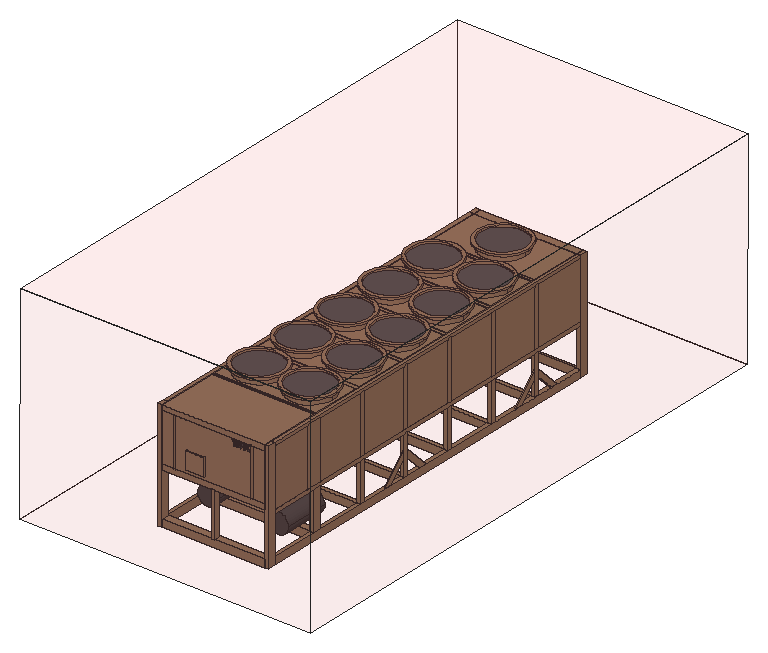
Revit family (continued)
Definition of nested family "Box_Frame-York-YCIV-6_Row"
  Forms (in)
    Extrusion 16, solid, material "Metal - York - Aluminum" <- "Condenser Coil Material", detail levels fine
      sketch origin (0, 0, 0) x (0, 1, 0) y (0, 0, 1)
        loop
          line (-109.075, 87.9375) -> (-109.075, 85.9375) -> (-107.575, 85.9375) -> (-107.575, 87.9375) -> (-109.075, 87.9375)
        loop
          line (-23.2125, 87.9375) -> (-23.2125, 85.9375) -> (-20.2125, 85.9375) -> (-20.2125, 87.9375) -> (-23.2125, 87.9375)
        loop
          line (20.4625, 87.9375) -> (20.4625, 85.9375) -> (23.4625, 85.9375) -> (23.4625, 87.9375) -> (20.4625, 87.9375)
        loop
          line (64.1375, 87.9375) -> (64.1375, 85.9375) -> (67.1375, 85.9375) -> (67.1375, 87.9375) -> (64.1375, 87.9375)
        loop
          line (107.825, 87.9375) -> (107.825, 85.9375) -> (110.825, 85.9375) -> (110.825, 87.9375) -> (107.825, 87.9375)
        loop
          line (-66.9, 87.9375) -> (-66.9, 85.9375) -> (-63.9, 85.9375) -> (-63.9, 87.9375) -> (-66.9, 87.9375)
      from -41.0625 to 41.0625
    Extrusion 17, solid, material "Metal - York - Aluminum" <- "Condenser Coil Material", detail levels fine
      sketch origin (0, 0, 0) x (0, 1, 0) y (0, 0, 1)
        loop
          line (153, 85.9375) -> (153, 40) -> (155, 40) -> (155, 85.9375) -> (153, 85.9375)
      from -41.0625 to 41.0625
    Extrusion 18, solid, material "Metal - York - Galvanized Steel" <- "Box Frame Material", detail levels fine
      sketch origin (0, -153, 0) x (-1, 0, 0) y (0, 0, -1)
        loop
          line (41.0625, -83.9375) -> (41.0625, -45.3125) -> (32, -45.3125) -> (32, -83.9375) -> (41.0625, -83.9375)
        loop
          line (-32, -83.9375) -> (-32, -45.3125) -> (-41.0625, -45.3125) -> (-41.0625, -83.9375) -> (-32, -83.9375)
      from 2 to 6
    Extrusion 19, solid, material "Metal - York - Galvanized Steel" <- "Box Frame Material", detail levels fine
      sketch origin (0, 0, 0) x (1, 0, 0) y (0, 1, 0)
        loop
          line (-1, -155) -> (-1, -159) -> (1, -159) -> (1, -155) -> (-1, -155)
      from 6 to 41.3125
    Extrusion 20, solid, material "Metal - York - Galvanized Steel" <- "Box Frame Material", detail levels fine
      sketch origin (0, 0, 0) x (0, 1, 0) y (0, 0, 1)
        loop
          line (-20.2125, 25) -> (-20.2125, 19) -> (-7.2125, 6) -> (-1.2125, 6) -> (-20.2125, 25)
        loop
          line (-23.2125, 25) -> (-42.2125, 6) -> (-36.2125, 6) -> (-23.2125, 19) -> (-23.2125, 25)
        loop
          line (88.825, 6) -> (94.825, 6) -> (107.825, 19) -> (107.825, 25) -> (88.825, 6)
        loop
          line (110.825, 19) -> (123.825, 6) -> (129.825, 6) -> (110.825, 25) -> (110.825, 19)
      from 43.0625 to 44.0625
    Extrusion 21, solid, material "Metal - York - Galvanized Steel" <- "Box Frame Material", detail levels fine
      sketch origin (0, 0, 0) x (0, 1, 0) y (0, 0, 1)
        loop
          line (-23.2125, 25) -> (-42.2125, 6) -> (-36.2125, 6) -> (-23.2125, 19) -> (-23.2125, 25)
        loop
          line (-20.2125, 19) -> (-7.2125, 6) -> (-1.2125, 6) -> (-20.2125, 25) -> (-20.2125, 19)
        loop
          line (88.825, 6) -> (94.825, 6) -> (107.825, 19) -> (107.825, 25) -> (88.825, 6)
        loop
          line (110.825, 19) -> (123.825, 6) -> (129.825, 6) -> (110.825, 25) -> (110.825, 19)
      from -44.0625 to -43.0625
    Extrusion 22, solid, material "Metal - York - Galvanized Steel" <- "Box Frame Material", visible <- "Sound Option", detail levels fine
      sketch origin (0, -153, 0) x (-1, 0, 0) y (0, 0, -1)
        loop
          line (41.0625, -41.3125) -> (41.0625, -6) -> (1, -6) -> (1, -41.3125) -> (41.0625, -41.3125)
        loop
          line (-1, -41.3125) -> (-1, -6) -> (-41.0625, -6) -> (-41.0625, -41.3125) -> (-1, -41.3125)
      from 0 to 6
    Extrusion 23, solid, material "Metal - York - Galvanized Steel" <- "Box Frame Material", visible <- "Sound Option", detail levels fine
      sketch origin (0, 0, 0) x (0, 1, 0) y (0, 0, 1)
        loop
          line (-153, 37) -> (-153, 6) -> (-113.575, 6) -> (-113.575, 37) -> (-153, 37)
        loop
          line (-107.575, 37) -> (-107.575, 6) -> (-93.575, 6) -> (-93.575, 37) -> (-107.575, 37)
      from 41.0625 to 44.0625
    Extrusion 24, solid, material "Metal - York - Galvanized Steel" <- "Box Frame Material", visible <- "Sound Option", detail levels fine
      sketch origin (-44.0625, 0, 0) x (0, -1, 0) y (0, 0, 1)
        loop
          line (93.575, 37) -> (93.575, 6) -> (107.575, 6) -> (107.575, 37) -> (93.575, 37)
        loop
          line (113.575, 37) -> (113.575, 6) -> (153, 6) -> (153, 37) -> (113.575, 37)
      from -3 to 0
  Lines and regions (in)
    Masking region 1, detail levels fine
      outline origin (0, 0, 62.3125) x (-1, 0, 0) y (0, -1, 0)
        loop
          line (21.0625, 159) -> (21.0625, 160) -> (7.0625, 160) -> (7.0625, 159) -> (21.0625, 159)
    Masking region 2, detail levels fine
      outline origin (0, 0, 0) x (0, 1, 0) y (0, 0, 1)
        loop
          line (-160, 62.3125) -> (-160, 48.3125) -> (-159, 48.3125) -> (-159, 62.3125) -> (-160, 62.3125)
    Masking region 3
      outline origin (0, -155, 0) x (-1, 0, 0) y (0, 0, -1)
        loop
          line (41.0625, -45.3125) -> (41.0625, -41.3125) -> (-41.0625, -41.3125) -> (-41.0625, -45.3125) -> (41.0625, -45.3125)
    Masking region 4, detail levels medium+fine
      outline origin (0, 0, 45.3125) x (-1, 0, 0) y (0, -1, 0)
        loop
          line (41.0625, 155) -> (41.0625, 159) -> (-41.0625, 159) -> (-41.0625, 155) -> (41.0625, 155)
    Masking region 5
      outline origin (0, -155, 0) x (-1, 0, 0) y (0, 0, -1)
        loop
          line (41.0625, -87.9375) -> (41.0625, -45.3125) -> (-41.0625, -45.3125) -> (-41.0625, -87.9375) -> (41.0625, -87.9375)
    Masking region 6
      outline origin (0, -159, 0) x (-1, 0, 0) y (0, 0, -1)
        loop
          line (44.0625, -87.9375) -> (44.0625, 0) -> (41.0625, 0) -> (41.0625, -87.9375) -> (44.0625, -87.9375)
        loop
          line (-41.0625, -87.9375) -> (-41.0625, 0) -> (-44.0625, 0) -> (-44.0625, -87.9375) -> (-41.0625, -87.9375)
    Masking region 7, detail levels medium+fine
      outline origin (0, 0, 87.9375) x (-1, 0, 0) y (0, -1, 0)
        loop
          line (44.0625, -159) -> (44.0625, -153) -> (41.0625, -153) -> (41.0625, -159) -> (44.0625, -159)
        loop
          line (-41.0625, -159) -> (-41.0625, -153) -> (-44.0625, -153) -> (-44.0625, -159) -> (-41.0625, -159)
        loop
          line (-41.0625, 153) -> (-41.0625, 159) -> (-44.0625, 159) -> (-44.0625, 153) -> (-41.0625, 153)
        loop
          line (44.0625, 153) -> (44.0625, 159) -> (41.0625, 159) -> (41.0625, 153) -> (44.0625, 153)
    Masking region 8
      outline origin (44.0625, 0, 0) x (0, -1, 0) y (0, 0, 1)
        loop
          line (159, 87.9375) -> (153, 87.9375) -> (153, 0) -> (159, 0) -> (159, 87.9375)
        loop
          line (-153, 87.9375) -> (-159, 87.9375) -> (-159, 0) -> (-153, 0) -> (-153, 87.9375)
    Masking region 9
      outline origin (0, 159, 0) x (-1, 0, 0) y (0, 0, 1)
        loop
          line (41.0625, 6) -> (-41.0625, 6) -> (-41.0625, 0) -> (41.0625, 0) -> (41.0625, 6)
    Masking region 10
      outline origin (44.0625, 0, 0) x (0, -1, 0) y (0, 0, 1)
        loop
          line (153, 87.9375) -> (-153, 87.9375) -> (-153, 85.9375) -> (153, 85.9375) -> (153, 87.9375)
        loop
          line (153, 40) -> (-153, 40) -> (-153, 37) -> (153, 37) -> (153, 40)
        loop
          line (153, 6) -> (-153, 6) -> (-153, 0) -> (153, 0) -> (153, 6)
    Masking region 11, detail levels medium+fine
      outline origin (0, 0, 85.9375) x (-1, 0, 0) y (0, -1, 0)
        loop
          line (44.0625, -153) -> (44.0625, 153) -> (41.0625, 153) -> (41.0625, -153) -> (44.0625, -153)
        loop
          line (-41.0625, -153) -> (-41.0625, 153) -> (-44.0625, 153) -> (-44.0625, -153) -> (-41.0625, -153)
    Masking region 12, detail levels medium+fine
      outline origin (0, 0, 37) x (-1, 0, 0) y (0, -1, 0)
        loop
          line (41.0625, -159) -> (41.0625, -153) -> (-41.0625, -153) -> (-41.0625, -159) -> (41.0625, -159)
    Masking region 13, detail levels medium+fine
      outline origin (41.0625, 0, 0) x (0, -1, 0) y (0, 0, 1)
        loop
          line (23.2125, 37) -> (20.2125, 37) -> (20.2125, 6) -> (23.2125, 6) -> (23.2125, 37)
        loop
          line (-20.4625, 37) -> (-23.4625, 37) -> (-23.4625, 6) -> (-20.4625, 6) -> (-20.4625, 37)
        loop
          line (-64.1375, 37) -> (-67.1375, 37) -> (-67.1375, 6) -> (-64.1375, 6) -> (-64.1375, 37)
        loop
          line (-107.825, 37) -> (-110.825, 37) -> (-110.825, 6) -> (-107.825, 6) -> (-107.825, 37)
        loop
          line (66.9, 37) -> (63.9, 37) -> (63.9, 6) -> (66.9, 6) -> (66.9, 37)
    Masking region 14
      outline origin (0, 0, 0) x (0, 1, 0) y (0, 0, 1)
        loop
          line (-153, 85.9375) -> (-153, 40) -> (-107.575, 40) -> (-107.575, 85.9375) -> (-153, 85.9375)
    Masking region 15, detail levels medium+fine
      outline origin (0, 0, 87.9375) x (-1, 0, 0) y (0, -1, 0)
        loop
          line (41.0625, 109.075) -> (41.0625, 155) -> (-41.0625, 155) -> (-41.0625, 109.075) -> (41.0625, 109.075)
    Masking region 16
      outline origin (0, 0, 0) x (0, 1, 0) y (0, 0, 1)
        loop
          line (-107.575, 85.9375) -> (-107.575, 40) -> (153, 40) -> (153, 85.9375) -> (-107.575, 85.9375)
    Masking region 17, detail levels medium+fine
      outline origin (0, 0, 87.9375) x (-1, 0, 0) y (0, -1, 0)
        loop
          line (41.0625, -153) -> (41.0625, 109.075) -> (-41.0625, 109.075) -> (-41.0625, -153) -> (41.0625, -153)
    Masking region 18, visible <- "Sound Option"
      outline origin (0, 0, 0) x (0, 1, 0) y (0, 0, 1)
        loop
          line (-153, 37) -> (-153, 6) -> (-93.575, 6) -> (-93.575, 37) -> (-153, 37)
    Masking region 19, detail levels fine
      outline origin (0, 0, 0) x (0, 1, 0) y (0, 0, 1)
        loop
          line (-42.2125, 6) -> (-36.2125, 6) -> (-23.2125, 19) -> (-23.2125, 25) -> (-42.2125, 6)
        loop
          line (-20.2125, 25) -> (-20.2125, 19) -> (-7.2125, 6) -> (-1.2125, 6) -> (-20.2125, 25)
        loop
          line (88.825, 6) -> (94.825, 6) -> (107.825, 19) -> (107.825, 25) -> (88.825, 6)
        loop
          line (110.825, 25) -> (110.825, 19) -> (123.825, 6) -> (129.825, 6) -> (110.825, 25)
    Masking region 20, detail levels coarse
      outline origin (0, 0, 87.9375) x (-1, 0, 0) y (0, -1, 0)
        loop
          line (44.0625, -159) -> (44.0625, 159) -> (-44.0625, 159) -> (-44.0625, -159) -> (44.0625, -159)
    Masking region 21, detail levels medium+fine
      outline origin (0, -153, 0) x (-1, 0, 0) y (0, 0, -1)
        loop
          line (1, -41.3125) -> (1, -6) -> (-1, -6) -> (-1, -41.3125) -> (1, -41.3125)
    Masking region 22, visible <- "Sound Option"
      outline origin (0, -159, 0) x (-1, 0, 0) y (0, 0, -1)
        loop
          line (41.0625, -41.3125) -> (41.0625, -6) -> (1, -6) -> (1, -41.3125) -> (41.0625, -41.3125)
        loop
          line (-1, -41.3125) -> (-1, -6) -> (-41.0625, -6) -> (-41.0625, -41.3125) -> (-1, -41.3125)
    Masking region 23
      outline origin (0, 0, 0) x (0, 1, 0) y (0, 0, 1)
        loop
          line (-113.575, 37) -> (-113.575, 6) -> (-107.575, 6) -> (-107.575, 37) -> (-113.575, 37)
    model lines, style "Frame Detail Lines", detail levels medium
      curve 1: line (-21.0625, -160, 48.3125) -> (-21.0625, -160, 62.3125)
      curve 2: line (-7.0625, -160, 48.3125) -> (-21.0625, -160, 48.3125)
      curve 3: line (-21.0625, -159, 62.3125) -> (-7.0625, -159, 62.3125)
      curve 4: line (-21.0625, -159, 48.3125) -> (-21.0625, -159, 62.3125)
      curve 5: line (-7.0625, -159, 48.3125) -> (-21.0625, -159, 48.3125)
      curve 6: line (-7.0625, -159, 62.3125) -> (-7.0625, -159, 48.3125)
      curve 7: line (-21.0625, -160, 48.3125) -> (-21.0625, -159, 48.3125)
      curve 8: line (-7.0625, -160, 48.3125) -> (-7.0625, -159, 48.3125)
      curve 9: line (-21.0625, -160, 62.3125) -> (-21.0625, -159, 62.3125)
      curve 10: line (-7.0625, -160, 62.3125) -> (-7.0625, -159, 62.3125)
      curve 263: line (-7.0625, -160, 62.3125) -> (-21.0625, -160, 62.3125)
      curve 264: line (-7.0625, -160, 48.3125) -> (-7.0625, -160, 62.3125)
    symbolic lines, style "Frame Detail Lines", detail levels fine
      curve 11: line (-21.0625, -160, 62.3125) -> (-7.0625, -160, 62.3125)
      curve 12: line (-21.0625, -160, 48.3125) -> (-21.0625, -160, 62.3125)
      curve 13: line (-7.0625, -160, 48.3125) -> (-21.0625, -160, 48.3125)
      curve 14: line (-7.0625, -160, 62.3125) -> (-7.0625, -160, 48.3125)
    model lines, style "Frame Medium Lines", detail levels medium
      curve 15: line (-30, -159, 83.9375) -> (30, -159, 83.9375)
      curve 16: line (30, -159, 45.3125) -> (-30, -159, 45.3125)
      curve 17: line (30, -159, 83.9375) -> (30, -159, 45.3125)
      curve 18: line (-30, -155, 83.9375) -> (30, -155, 83.9375)
      curve 19: line (-30, -155, 45.3125) -> (-30, -155, 83.9375)
      curve 20: line (30, -155, 45.3125) -> (-30, -155, 45.3125)
      curve 21: line (30, -155, 83.9375) -> (30, -155, 45.3125)
      curve 22: line (-30, -159, 45.3125) -> (-30, -155, 45.3125)
      curve 23: line (30, -159, 45.3125) -> (30, -155, 45.3125)
      curve 24: line (-30, -159, 83.9375) -> (-30, -155, 83.9375)
      curve 25: line (30, -159, 83.9375) -> (30, -155, 83.9375)
      curve 262: line (-30, -159, 45.3125) -> (-30, -159, 83.9375)
    symbolic lines, style "Frame Medium Lines", detail levels medium+fine
      curve 26: line (-30, -159, 83.9375) -> (30, -159, 83.9375)
      curve 28: line (30, -159, 45.3125) -> (-30, -159, 45.3125)
      curve 30: line (-30, -155, 87.375) -> (30, -155, 87.375)
      curve 31: line (-30, -159, 87.375) -> (-30, -155, 87.375)
      curve 32: line (30, -159, 87.375) -> (-30, -159, 87.375)
      curve 33: line (30, -155, 87.375) -> (30, -159, 87.375)
      curve 238: line (-41.0625, 67.1375, 87.9375) -> (41.0625, 67.1375, 87.9375)
      curve 239: line (-41.0625, 64.1375, 87.9375) -> (41.0625, 64.1375, 87.9375)
      curve 240: line (-41.0625, 23.4625, 87.9375) -> (41.0625, 23.4625, 87.9375)
      curve 241: line (-41.0625, 20.4625, 87.9375) -> (41.0625, 20.4625, 87.9375)
      curve 242: line (-41.0625, -20.2125, 87.9375) -> (41.0625, -20.2125, 87.9375)
      curve 243: line (-41.0625, -23.2125, 87.9375) -> (41.0625, -23.2125, 87.9375)
      curve 244: line (-41.0625, -107.575, 87.9375) -> (41.0625, -107.575, 87.9375)
      curve 282: line (-41.0625, 110.825, 87.9375) -> (41.0625, 110.825, 87.9375)
      curve 283: line (41.0625, 107.825, 87.9375) -> (-41.0625, 107.825, 87.9375)
      curve 284: line (0, 110.825, 85.9375) -> (0, 110.825, 40)
      curve 285: line (0, 107.825, 85.9375) -> (0, 107.825, 40)
      curve 304: line (-41.0625, -66.9, 87.9375) -> (41.0625, -66.9, 87.9375)
      curve 305: line (-41.0625, -63.9, 87.9375) -> (41.0625, -63.9, 87.9375)
    symbolic lines, style "Frame Medium Lines", detail levels fine
      curve 27: line (-30, -159, 45.3125) -> (-30, -159, 83.9375)
      curve 29: line (30, -159, 83.9375) -> (30, -159, 45.3125)
      curve 255: line (0, -23.2125, 85.9375) -> (0, -23.2125, 40)
      curve 256: line (0, -119.57737, 85.9375) -> (0, -119.57737, 40)
      curve 257: line (0, -20.2125, 85.9375) -> (0, -20.2125, 40)
      curve 258: line (0, 20.4625, 85.9375) -> (0, 20.4625, 40)
      curve 259: line (0, 23.4625, 85.9375) -> (0, 23.4625, 40)
      curve 260: line (0, 64.1375, 85.9375) -> (0, 64.1375, 40)
      curve 261: line (0, 67.1375, 85.9375) -> (0, 67.1375, 40)
      curve 268: line (-32, -159, 83.9375) -> (-32, -159, 45.3125)
      curve 269: line (32, -159, 83.9375) -> (32, -159, 45.3125)
      curve 302: line (0, -63.9, 85.9375) -> (0, -63.9, 40)
      curve 303: line (0, -66.9, 85.9375) -> (0, -66.9, 40)
    model lines, style "Frame Outline Lines", detail levels coarse+medium
      curve 34: line (-41.0625, -159, 45.3125) -> (41.0625, -159, 45.3125)
      curve 35: line (-41.0625, -159, 41.3125) -> (-41.0625, -159, 45.3125)
      curve 36: line (41.0625, -159, 41.3125) -> (-41.0625, -159, 41.3125)
      curve 37: line (41.0625, -159, 45.3125) -> (41.0625, -159, 41.3125)
      curve 38: line (-41.0625, -155, 45.3125) -> (41.0625, -155, 45.3125)
      curve 39: line (-41.0625, -155, 41.3125) -> (-41.0625, -155, 45.3125)
      curve 40: line (41.0625, -155, 41.3125) -> (-41.0625, -155, 41.3125)
      curve 41: line (41.0625, -155, 45.3125) -> (41.0625, -155, 41.3125)
      curve 42: line (-41.0625, -159, 45.3125) -> (-41.0625, -155, 45.3125)
      curve 43: line (41.0625, -159, 45.3125) -> (41.0625, -155, 45.3125)
      curve 44: line (-41.0625, -159, 41.3125) -> (-41.0625, -155, 41.3125)
      curve 45: line (41.0625, -159, 41.3125) -> (41.0625, -155, 41.3125)
      curve 51: line (-44.0625, -159, 87.9375) -> (-41.0625, -159, 87.9375)
      curve 52: line (-44.0625, -159, 0) -> (-44.0625, -159, 87.9375)
      curve 53: line (-41.0625, -159, 0) -> (-44.0625, -159, 0)
      curve 54: line (-41.0625, -159, 87.9375) -> (-41.0625, -159, 0)
      curve 55: line (41.0625, -159, 87.9375) -> (44.0625, -159, 87.9375)
      curve 56: line (41.0625, -159, 0) -> (41.0625, -159, 87.9375)
      curve 57: line (44.0625, -159, 0) -> (41.0625, -159, 0)
      curve 58: line (44.0625, -159, 87.9375) -> (44.0625, -159, 0)
      curve 59: line (41.0625, -153, 87.9375) -> (44.0625, -153, 87.9375)
      curve 60: line (41.0625, -153, 0) -> (41.0625, -153, 87.9375)
      curve 61: line (44.0625, -153, 0) -> (41.0625, -153, 0)
      curve 62: line (44.0625, -153, 87.9375) -> (44.0625, -153, 0)
      curve 63: line (-44.0625, -153, 87.9375) -> (-41.0625, -153, 87.9375)
      curve 64: line (-44.0625, -153, 0) -> (-44.0625, -153, 87.9375)
      curve 65: line (-41.0625, -153, 0) -> (-44.0625, -153, 0)
      curve 66: line (-41.0625, -153, 87.9375) -> (-41.0625, -153, 0)
      curve 67: line (-44.0625, 153, 87.9375) -> (-41.0625, 153, 87.9375)
      curve 68: line (-44.0625, 153, 0) -> (-44.0625, 153, 87.9375)
      curve 69: line (-41.0625, 153, 0) -> (-44.0625, 153, 0)
      curve 70: line (-41.0625, 153, 87.9375) -> (-41.0625, 153, 0)
      curve 71: line (41.0625, 153, 87.9375) -> (44.0625, 153, 87.9375)
      curve 72: line (41.0625, 153, 0) -> (41.0625, 153, 87.9375)
      curve 73: line (44.0625, 153, 0) -> (41.0625, 153, 0)
      curve 74: line (44.0625, 153, 87.9375) -> (44.0625, 153, 0)
      curve 75: line (41.0625, 159, 87.9375) -> (44.0625, 159, 87.9375)
      curve 76: line (41.0625, 159, 0) -> (41.0625, 159, 87.9375)
      curve 77: line (44.0625, 159, 0) -> (41.0625, 159, 0)
      curve 78: line (44.0625, 159, 87.9375) -> (44.0625, 159, 0)
      curve 79: line (-44.0625, 159, 87.9375) -> (-41.0625, 159, 87.9375)
      curve 80: line (-44.0625, 159, 0) -> (-44.0625, 159, 87.9375)
      curve 81: line (-41.0625, 159, 0) -> (-44.0625, 159, 0)
      curve 82: line (-41.0625, 159, 87.9375) -> (-41.0625, 159, 0)
      curve 83: line (-44.0625, -153, 87.9375) -> (-44.0625, -159, 87.9375)
      curve 84: line (-41.0625, -153, 87.9375) -> (-41.0625, -159, 87.9375)
      curve 85: line (41.0625, -153, 87.9375) -> (41.0625, -159, 87.9375)
      curve 86: line (44.0625, -153, 87.9375) -> (44.0625, -159, 87.9375)
      curve 87: line (44.0625, 159, 87.9375) -> (44.0625, 153, 87.9375)
      curve 88: line (41.0625, 159, 87.9375) -> (41.0625, 153, 87.9375)
      curve 89: line (-41.0625, 159, 87.9375) -> (-41.0625, 153, 87.9375)
      curve 90: line (-44.0625, 159, 87.9375) -> (-44.0625, 153, 87.9375)
      curve 91: line (-44.0625, 153, 0) -> (-44.0625, 159, 0)
      curve 92: line (-41.0625, 153, 0) -> (-41.0625, 159, 0)
      curve 93: line (41.0625, 153, 0) -> (41.0625, 159, 0)
      curve 94: line (44.0625, 153, 0) -> (44.0625, 159, 0)
      curve 95: line (44.0625, -159, 0) -> (44.0625, -153, 0)
      curve 96: line (41.0625, -159, 0) -> (41.0625, -153, 0)
      curve 97: line (-41.0625, -159, 0) -> (-41.0625, -153, 0)
      curve 98: line (-44.0625, -159, 0) -> (-44.0625, -153, 0)
      curve 144: line (-44.0625, 153, 87.9375) -> (-44.0625, -153, 87.9375)
      curve 145: line (-41.0625, -153, 87.9375) -> (-41.0625, 153, 87.9375)
      curve 146: line (41.0625, 153, 87.9375) -> (41.0625, -153, 87.9375)
      curve 147: line (44.0625, -153, 87.9375) -> (44.0625, 153, 87.9375)
      curve 148: line (-44.0625, 153, 85.9375) -> (-44.0625, -153, 85.9375)
      curve 149: line (-41.0625, 153, 85.9375) -> (-41.0625, -153, 85.9375)
      curve 150: line (44.0625, 153, 85.9375) -> (44.0625, -153, 85.9375)
      curve 151: line (41.0625, 153, 85.9375) -> (41.0625, -153, 85.9375)
      curve 152: line (44.0625, 153, 40) -> (44.0625, -153, 40)
      curve 153: line (41.0625, 153, 40) -> (41.0625, -153, 40)
      curve 154: line (-41.0625, 153, 40) -> (-41.0625, -153, 40)
      curve 155: line (-44.0625, 153, 40) -> (-44.0625, -153, 40)
      curve 156: line (44.0625, 153, 37) -> (44.0625, -153, 37)
      curve 157: line (41.0625, 153, 37) -> (41.0625, -153, 37)
      curve 158: line (-41.0625, 153, 37) -> (-41.0625, -153, 37)
      curve 159: line (-44.0625, 153, 37) -> (-44.0625, -153, 37)
      curve 160: line (-41.0625, 159, 87.9375) -> (41.0625, 159, 87.9375)
      curve 161: line (-41.0625, 153, 87.9375) -> (41.0625, 153, 87.9375)
      curve 162: line (-41.0625, 159, 85.9375) -> (41.0625, 159, 85.9375)
      curve 163: line (-41.0625, 153, 85.9375) -> (41.0625, 153, 85.9375)
      curve 164: line (-41.0625, 159, 40) -> (41.0625, 159, 40)
      curve 165: line (-41.0625, 153, 40) -> (41.0625, 153, 40)
      curve 166: line (-41.0625, 159, 37) -> (41.0625, 159, 37)
      curve 167: line (-41.0625, 153, 37) -> (41.0625, 153, 37)
      curve 245: line (44.0625, -153, 6) -> (44.0625, 153, 6)
      curve 246: line (44.0625, -153, 0) -> (44.0625, 153, 0)
      curve 247: line (41.0625, -153, 6) -> (41.0625, 153, 6)
      curve 248: line (41.0625, -153, 0) -> (41.0625, 153, 0)
      curve 249: line (-44.0625, -153, 6) -> (-44.0625, 153, 6)
      curve 250: line (-44.0625, -153, 0) -> (-44.0625, 153, 0)
      curve 251: line (-41.0625, -153, 6) -> (-41.0625, 153, 6)
      curve 252: line (-41.0625, -153, 0) -> (-41.0625, 153, 0)
      curve 253: line (-41.0625, -159, 83.9375) -> (41.0625, -159, 83.9375)
      curve 254: line (-41.0625, -153, 85.9375) -> (41.0625, -153, 85.9375)
      curve 265: line (-41.0625, -159, 87.9375) -> (41.0625, -159, 87.9375)
    model lines, style "Frame Outline Lines", detail levels medium
      curve 46: line (41.0625, -155, 87.9375) -> (41.0625, -155, 45.3125)
      curve 47: line (-41.0625, -153, 45.3125) -> (-41.0625, -153, 85.9375)
      curve 48: line (41.0625, -153, 85.9375) -> (41.0625, -153, 45.3125)
      curve 49: line (-41.0625, -155, 45.3125) -> (-41.0625, -153, 45.3125)
      curve 50: line (41.0625, -155, 45.3125) -> (41.0625, -153, 45.3125)
      curve 99: line (-41.0625, 155, 0) -> (41.0625, 155, 0)
      curve 100: line (-41.0625, 153, 0) -> (-41.0625, 155, 0)
      curve 101: line (41.0625, 153, 0) -> (-41.0625, 153, 0)
      curve 102: line (41.0625, 155, 0) -> (41.0625, 153, 0)
      curve 103: line (-41.0625, 67.1375, 0) -> (41.0625, 67.1375, 0)
      curve 104: line (-41.0625, 64.1375, 0) -> (-41.0625, 67.1375, 0)
      curve 105: line (41.0625, 64.1375, 0) -> (-41.0625, 64.1375, 0)
      curve 106: line (41.0625, 67.1375, 0) -> (41.0625, 64.1375, 0)
      curve 107: line (-41.0625, 23.4625, 0) -> (41.0625, 23.4625, 0)
      curve 108: line (-41.0625, 20.4625, 0) -> (-41.0625, 23.4625, 0)
      curve 109: line (41.0625, 20.4625, 0) -> (-41.0625, 20.4625, 0)
      curve 110: line (41.0625, 23.4625, 0) -> (41.0625, 20.4625, 0)
      curve 111: line (-41.0625, -20.2125, 0) -> (41.0625, -20.2125, 0)
      curve 112: line (-41.0625, -23.2125, 0) -> (-41.0625, -20.2125, 0)
      curve 113: line (41.0625, -23.2125, 0) -> (-41.0625, -23.2125, 0)
      curve 114: line (41.0625, -20.2125, 0) -> (41.0625, -23.2125, 0)
      curve 115: line (-41.0625, -107.575, 0) -> (41.0625, -107.575, 0)
      curve 116: line (-41.0625, -113.575, 0) -> (-41.0625, -107.575, 0)
      curve 117: line (41.0625, -113.575, 0) -> (-41.0625, -113.575, 0)
      curve 118: line (41.0625, -107.575, 0) -> (41.0625, -113.575, 0)
      curve 119: line (-41.0625, -153, 0) -> (41.0625, -153, 0)
      curve 120: line (-41.0625, -159, 0) -> (-41.0625, -153, 0)
      curve 121: line (41.0625, -159, 0) -> (-41.0625, -159, 0)
      curve 122: line (41.0625, -153, 0) -> (41.0625, -159, 0)
      curve 123: line (-41.0625, 155, 6) -> (41.0625, 155, 6)
      curve 124: line (-41.0625, 153, 6) -> (-41.0625, 155, 6)
      curve 125: line (41.0625, 153, 6) -> (-41.0625, 153, 6)
      curve 126: line (41.0625, 155, 6) -> (41.0625, 153, 6)
      curve 127: line (-41.0625, 67.1375, 6) -> (41.0625, 67.1375, 6)
      curve 128: line (-41.0625, 64.1375, 6) -> (-41.0625, 67.1375, 6)
      curve 129: line (41.0625, 64.1375, 6) -> (-41.0625, 64.1375, 6)
      curve 130: line (41.0625, 67.1375, 6) -> (41.0625, 64.1375, 6)
      curve 131: line (-41.0625, 23.4625, 6) -> (41.0625, 23.4625, 6)
      curve 132: line (-41.0625, 20.4625, 6) -> (-41.0625, 23.4625, 6)
      curve 133: line (41.0625, 20.4625, 6) -> (-41.0625, 20.4625, 6)
      curve 134: line (41.0625, 23.4625, 6) -> (41.0625, 20.4625, 6)
      curve 135: line (-41.0625, -20.2125, 6) -> (41.0625, -20.2125, 6)
      curve 136: line (-41.0625, -23.2125, 6) -> (-41.0625, -20.2125, 6)
      curve 137: line (41.0625, -23.2125, 6) -> (-41.0625, -23.2125, 6)
      curve 138: line (41.0625, -20.2125, 6) -> (41.0625, -23.2125, 6)
      curve 139: line (-41.0625, -107.575, 6) -> (41.0625, -107.575, 6)
      curve 140: line (-41.0625, -113.575, 6) -> (-41.0625, -107.575, 6)
      curve 141: line (41.0625, -113.575, 6) -> (-41.0625, -113.575, 6)
      curve 142: line (41.0625, -107.575, 6) -> (41.0625, -113.575, 6)
      curve 143: line (-41.0625, -153, 6) -> (41.0625, -153, 6)
      curve 168: line (44.0625, 67.1375, 37) -> (41.0625, 67.1375, 37)
      curve 169: line (44.0625, 67.1375, 6) -> (44.0625, 67.1375, 37)
      curve 170: line (41.0625, 67.1375, 6) -> (44.0625, 67.1375, 6)
      curve 171: line (41.0625, 67.1375, 37) -> (41.0625, 67.1375, 6)
      curve 172: line (-41.0625, 67.1375, 37) -> (-44.0625, 67.1375, 37)
      curve 173: line (-41.0625, 67.1375, 6) -> (-41.0625, 67.1375, 37)
      curve 174: line (-44.0625, 67.1375, 6) -> (-41.0625, 67.1375, 6)
      curve 175: line (-44.0625, 67.1375, 37) -> (-44.0625, 67.1375, 6)
      curve 176: line (44.0625, 64.1375, 37) -> (41.0625, 64.1375, 37)
      curve 177: line (44.0625, 64.1375, 6) -> (44.0625, 64.1375, 37)
      curve 178: line (41.0625, 64.1375, 6) -> (44.0625, 64.1375, 6)
      curve 179: line (41.0625, 64.1375, 37) -> (41.0625, 64.1375, 6)
      curve 180: line (-41.0625, 64.1375, 37) -> (-44.0625, 64.1375, 37)
      curve 181: line (-41.0625, 64.1375, 6) -> (-41.0625, 64.1375, 37)
      curve 182: line (-44.0625, 64.1375, 6) -> (-41.0625, 64.1375, 6)
      curve 183: line (-44.0625, 64.1375, 37) -> (-44.0625, 64.1375, 6)
      curve 184: line (44.0625, -107.575, 37) -> (41.0625, -107.575, 37)
      curve 185: line (44.0625, -107.575, 6) -> (44.0625, -107.575, 37)
      curve 186: line (41.0625, -107.575, 6) -> (44.0625, -107.575, 6)
      curve 187: line (41.0625, -107.575, 37) -> (41.0625, -107.575, 6)
      curve 188: line (-41.0625, -107.575, 37) -> (-44.0625, -107.575, 37)
      curve 189: line (-41.0625, -107.575, 6) -> (-41.0625, -107.575, 37)
      curve 190: line (-44.0625, -107.575, 6) -> (-41.0625, -107.575, 6)
      curve 191: line (-44.0625, -107.575, 37) -> (-44.0625, -107.575, 6)
      curve 192: line (44.0625, -113.575, 37) -> (41.0625, -113.575, 37)
      curve 193: line (44.0625, -113.575, 6) -> (44.0625, -113.575, 37)
      curve 194: line (41.0625, -113.575, 6) -> (44.0625, -113.575, 6)
      curve 195: line (41.0625, -113.575, 37) -> (41.0625, -113.575, 6)
      curve 196: line (-41.0625, -113.575, 37) -> (-44.0625, -113.575, 37)
      curve 197: line (-41.0625, -113.575, 6) -> (-41.0625, -113.575, 37)
      curve 198: line (-44.0625, -113.575, 6) -> (-41.0625, -113.575, 6)
      curve 199: line (-44.0625, -113.575, 37) -> (-44.0625, -113.575, 6)
      curve 200: line (44.0625, 23.4625, 37) -> (41.0625, 23.4625, 37)
      curve 201: line (44.0625, 23.4625, 6) -> (44.0625, 23.4625, 37)
      curve 202: line (41.0625, 23.4625, 6) -> (44.0625, 23.4625, 6)
      curve 203: line (41.0625, 23.4625, 37) -> (41.0625, 23.4625, 6)
      curve 204: line (-41.0625, 23.4625, 37) -> (-44.0625, 23.4625, 37)
      curve 205: line (-41.0625, 23.4625, 6) -> (-41.0625, 23.4625, 37)
      curve 206: line (-44.0625, 23.4625, 6) -> (-41.0625, 23.4625, 6)
      curve 207: line (-44.0625, 23.4625, 37) -> (-44.0625, 23.4625, 6)
      curve 208: line (44.0625, 20.4625, 37) -> (41.0625, 20.4625, 37)
      curve 209: line (44.0625, 20.4625, 6) -> (44.0625, 20.4625, 37)
      curve 210: line (41.0625, 20.4625, 6) -> (44.0625, 20.4625, 6)
      curve 211: line (41.0625, 20.4625, 37) -> (41.0625, 20.4625, 6)
      curve 212: line (-41.0625, 20.4625, 37) -> (-44.0625, 20.4625, 37)
      curve 213: line (-41.0625, 20.4625, 6) -> (-41.0625, 20.4625, 37)
      curve 214: line (-44.0625, 20.4625, 6) -> (-41.0625, 20.4625, 6)
      curve 215: line (-44.0625, 20.4625, 37) -> (-44.0625, 20.4625, 6)
      curve 216: line (44.0625, -20.2125, 37) -> (41.0625, -20.2125, 37)
      curve 217: line (44.0625, -20.2125, 6) -> (44.0625, -20.2125, 37)
      curve 218: line (41.0625, -20.2125, 6) -> (44.0625, -20.2125, 6)
      curve 219: line (41.0625, -20.2125, 37) -> (41.0625, -20.2125, 6)
      curve 220: line (-41.0625, -20.2125, 37) -> (-44.0625, -20.2125, 37)
      curve 221: line (-41.0625, -20.2125, 6) -> (-41.0625, -20.2125, 37)
      curve 222: line (-44.0625, -20.2125, 6) -> (-41.0625, -20.2125, 6)
      curve 223: line (-44.0625, -20.2125, 37) -> (-44.0625, -20.2125, 6)
      curve 224: line (44.0625, -23.2125, 37) -> (41.0625, -23.2125, 37)
      curve 225: line (44.0625, -23.2125, 6) -> (44.0625, -23.2125, 37)
      curve 226: line (41.0625, -23.2125, 6) -> (44.0625, -23.2125, 6)
      curve 227: line (41.0625, -23.2125, 37) -> (41.0625, -23.2125, 6)
      curve 228: line (-41.0625, -23.2125, 37) -> (-44.0625, -23.2125, 37)
      curve 229: line (-41.0625, -23.2125, 6) -> (-41.0625, -23.2125, 37)
      curve 230: line (-44.0625, -23.2125, 6) -> (-41.0625, -23.2125, 6)
      curve 231: line (-44.0625, -23.2125, 37) -> (-44.0625, -23.2125, 6)
      curve 266: line (-41.0625, -159, 6) -> (41.0625, -159, 6)
      curve 270: line (-1, -159, 41.3125) -> (-1, -159, 6)
      curve 271: line (1, -159, 41.3125) -> (1, -159, 6)
      curve 272: line (-1, -159, 41.3125) -> (-1, -153, 41.3125)
      curve 273: line (1, -159, 41.3125) -> (1, -153, 41.3125)
      curve 274: line (-32, -159, 83.9375) -> (-32, -159, 45.3125)
      curve 275: line (32, -159, 83.9375) -> (32, -159, 45.3125)
      curve 276: line (-32, -155, 83.9375) -> (-32, -155, 45.3125)
      curve 277: line (32, -155, 83.9375) -> (32, -155, 45.3125)
      curve 278: line (-32, -159, 83.9375) -> (-32, -155, 83.9375)
      curve 279: line (-32, -159, 45.3125) -> (-32, -155, 45.3125)
      curve 280: line (32, -159, 83.9375) -> (32, -155, 83.9375)
      curve 281: line (32, -159, 45.3125) -> (32, -155, 45.3125)
      curve 286: line (44.0625, 107.825, 37) -> (44.0625, 107.825, 6)
      curve 287: line (41.0625, 107.825, 37) -> (41.0625, 107.825, 6)
      curve 288: line (44.0625, 107.825, 37) -> (41.0625, 107.825, 37)
      curve 289: line (44.0625, 107.825, 6) -> (-44.0625, 107.825, 6)
      curve 290: line (-41.0625, 107.825, 37) -> (-44.0625, 107.825, 37)
      curve 291: line (-44.0625, 107.825, 37) -> (-44.0625, 107.825, 6)
      curve 292: line (-41.0625, 107.825, 37) -> (-41.0625, 107.825, 6)
      curve 293: line (41.0625, 107.825, 0) -> (-41.0625, 107.825, 0)
      curve 294: line (44.0625, 110.825, 37) -> (41.0625, 110.825, 37)
      curve 295: line (-41.0625, 110.825, 37) -> (-44.0625, 110.825, 37)
      curve 296: line (-44.0625, 110.825, 37) -> (-44.0625, 110.825, 6)
      curve 297: line (-41.0625, 110.825, 37) -> (-41.0625, 110.825, 6)
      curve 298: line (41.0625, 110.825, 37) -> (41.0625, 110.825, 6)
      curve 299: line (44.0625, 110.825, 37) -> (44.0625, 110.825, 6)
      curve 300: line (44.0625, 110.825, 6) -> (-44.0625, 110.825, 6)
      curve 301: line (41.0625, 110.825, 0) -> (-41.0625, 110.825, 0)
      curve 306: line (44.0625, -63.9, 37) -> (44.0625, -63.9, 6)
      curve 307: line (41.0625, -63.9, 6) -> (41.0625, -63.9, 37)
      curve 308: line (44.0625, -63.9, 37) -> (41.0625, -63.9, 37)
      curve 309: line (-41.0625, -63.9, 37) -> (-44.0625, -63.9, 37)
      curve 310: line (-44.0625, -63.9, 37) -> (-44.0625, -63.9, 6)
      curve 311: line (-41.0625, -63.9, 37) -> (-41.0625, -63.9, 6)
      curve 312: line (44.0625, -63.9, 6) -> (-44.0625, -63.9, 6)
      curve 313: line (41.0625, -63.9, 0) -> (-41.0625, -63.9, 0)
      curve 314: line (41.0625, -66.9, 0) -> (-41.0625, -66.9, 0)
      curve 315: line (44.0625, -66.9, 6) -> (-44.0625, -66.9, 6)
      curve 316: line (-41.0625, -66.9, 37) -> (-44.0625, -66.9, 37)
      curve 317: line (44.0625, -66.9, 37) -> (41.0625, -66.9, 37)
      curve 318: line (44.0625, -66.9, 37) -> (44.0625, -66.9, 6)
      curve 319: line (41.0625, -66.9, 37) -> (41.0625, -66.9, 6)
      curve 320: line (-41.0625, -66.9, 37) -> (-41.0625, -66.9, 6)
      curve 321: line (-44.0625, -66.9, 37) -> (-44.0625, -66.9, 6)
    model lines, style "Frame Medium Lines", detail levels medium+fine
      curve 232: line (41.0625, -109.075, 85.9375) -> (41.0625, -109.075, 40)
      curve 233: line (44.0625, -119.57737, 85.9375) -> (44.0625, -119.57737, 40)
      curve 234: line (-41.0625, -109.075, 85.9375) -> (-41.0625, -109.075, 40)
      curve 235: line (-44.0625, -119.57737, 85.9375) -> (-44.0625, -119.57737, 40)
      curve 236: line (-41.0625, -109.075, 87.9375) -> (41.0625, -109.075, 87.9375)
      curve 237: line (41.0625, -109.075, 85.9375) -> (-41.0625, -109.075, 85.9375)
    symbolic lines, style "Frame Outline Lines"
      curve 267: line (-41.0625, -159, 83.9375) -> (41.0625, -159, 83.9375)
  Dimensions and locks (in)
    equal spacing: plane 6 "Box Left", plane 3 "Center (Left/Right)", plane 7 "Box Right"
    "Width": plane 6 "Box Left" to plane 7 "Box Right"
    equal spacing: plane 4 "Box Back", plane 1 "Center (Front/Back)", plane 5 "Box Front"
    "Length": plane 4 "Box Back" to plane 5 "Box Front"
    "Height": plane 8 "Box Top" to plane 2 "Box Bottom"
    locked: plane 6 "Box Left" to plane 9 "Box Inset Left" at 3
    locked: plane 10 "Box Inset Right" to plane 7 "Box Right" at 3
    locked: plane 5 "Box Front" to plane 12 "Box Front Inset" at 6
    locked: plane 16 "Box Bottom Inset" to plane 2 "Box Bottom" at 6
    locked: plane 11 "Box Back Inset" to plane 4 "Box Back" at 6
    locked: plane 13 "Middle Bar Top" to plane 2 "Box Bottom" at 40
    locked: plane 13 "Middle Bar Top" to plane 14 "Middle Bar Bottom" at 3
    locked: plane 8 "Box Top" to plane 15 "Top Inset" at 2
    locked: plane 18 "Column Three Middle" to plane 19 "Column Four Middle" at 43.675
    locked: plane 19 "Column Four Middle" to plane 20 "Column Five Middle" at 43.675
    equal spacing: plane 21 "Column Five Front", plane 20 "Column Five Middle", plane 22 "Column Five Back"
    locked: plane 21 "Column Five Front" to plane 22 "Column Five Back" at 3
    equal spacing: plane 23 "Column Four Front", plane 19 "Column Four Middle", plane 24 "Column Four Back"
    locked: plane 23 "Column Four Front" to plane 24 "Column Four Back" at 3
    equal spacing: plane 25 "Column Three Front", plane 18 "Column Three Middle", plane 26 "Column Three Back"
    locked: plane 25 "Column Three Front" to plane 26 "Column Three Back" at 3
    locked: plane 29 "Front Bar Top" to plane 30 "Front Bar Bottom" at 4
    locked: plane 32 "Access Panel Bottom" to plane 29 "Front Bar Top" at 3
    locked: plane 33 "Access Panel Top" to plane 32 "Access Panel Bottom" at 14
    locked: plane 34 "Access Panel Left" to plane 31 "Access Panel Center" at 7
    locked: plane 31 "Access Panel Center" to plane 35 "Access Panel Right" at 7
    locked: plane 37 "Access Panel Front" to plane 5 "Box Front" at 1
    locked: plane 38 "Control Panel Right" to plane 3 "Center (Left/Right)" at 30
    locked: plane 39 "Control Panel Left" to plane 3 "Center (Left/Right)" at 30
    locked: plane 5 "Box Front" to plane 36 "Panel Front" at 4
    locked: plane 40 "Back Frame Inset" to plane 4 "Box Back" at 4
    locked: plane 41 "Bar Left of Control Panel" to plane 39 "Control Panel Left" at 2
    locked: plane 38 "Control Panel Right" to plane 42 "Bar Right of Control Panel" at 2
    locked: plane 3 "Center (Left/Right)" to plane 31 "Access Panel Center" at 14.0625
    locked: plane 43 "Front Bar Left" to plane 44 "Front Bar Right" at 2
    equal spacing: plane 43 "Front Bar Left", plane 3 "Center (Left/Right)", plane 44 "Front Bar Right"
    locked: plane 27 "Column One Back" to plane 45 "Side Framing Extra" at 14
    locked: plane 47 "Angle Support Inside Bottom" to plane 16 "Box Bottom Inset" at 13
    locked: plane 46 "Angle Support Top" to plane 47 "Angle Support Inside Bottom" at 6
    locked: plane 26 "Column Three Back" to plane 48 "Angle Support Two Front" at 13
    locked: plane 48 "Angle Support Two Front" to plane 49 "Angle Support Two Back" at 6
    locked: plane 50 "Angle Support One Back" to plane 25 "Column Three Front" at 13
    locked: plane 51 "Angle Support One Front" to plane 50 "Angle Support One Back" at 6
    locked: plane 52 "Angle Support Right" to plane 7 "Box Right" at 1
    locked: plane 6 "Box Left" to plane 53 "Angle Support Left" at 1
    locked: plane 30 "Front Bar Bottom" to plane 2 "Box Bottom" at 41.3125
    locked: plane 17 "Column One Middle" to plane 27 "Column One Back" at 1.5
    locked: plane 28 "Top Column Front" to plane 17 "Column One Middle" at 10.50237
    locked: plane 54 "Column One Front" to plane 17 "Column One Middle" at 4.5
    locked: plane 8 "Box Top" to plane 55 "Top Front Inset" at 4
    equal spacing: plane 57 "Column Six Front", plane 56 "Column Six Middle", plane 58 "Column Six Back"
    locked: plane 57 "Column Six Front" to plane 58 "Column Six Back" at 3
    locked: plane 20 "Column Five Middle" to plane 56 "Column Six Middle" at 43.6875
    locked: plane 59 "Angle Support Three Back" to plane 57 "Column Six Front" at 13
    locked: plane 60 "Angle Support Three Front" to plane 59 "Angle Support Three Back" at 6
    locked: plane 58 "Column Six Back" to plane 61 "Angle Support Four Front" at 13
    locked: plane 61 "Angle Support Four Front" to plane 62 "Angle Support Four Back" at 6
    equal spacing: plane 64 "Column Two Front", plane 63 "Column Two Middle", plane 65 "Column Two Back"
    locked: plane 64 "Column Two Front" to plane 65 "Column Two Back" at 3
    locked: plane 63 "Column Two Middle" to plane 18 "Column Three Middle" at 43.6875
    locked: plane 56 "Column Six Middle" to plane 11 "Box Back Inset" at 43.675
    locked: plane 45 "Side Framing Extra" to plane 64 "Column Two Front" at 26.675
    aligned and locked: plane 35 "Access Panel Right" to Extrusion 1 sketch curve
    aligned and locked: Extrusion 1 sketch curve to plane 34 "Access Panel Left"
    aligned and locked: Extrusion 1 to plane 37 "Access Panel Front"
    aligned and locked: Extrusion 1 to plane 5 "Box Front"
    aligned and locked: plane 32 "Access Panel Bottom" to curve 2
    aligned and locked: plane 32 "Access Panel Bottom" to curve 5
    aligned and locked: plane 35 "Access Panel Right" to curve 6
    aligned and locked: curve 4 to plane 34 "Access Panel Left"
    aligned and locked: plane 37 "Access Panel Front" to curve 8
    aligned and locked: plane 5 "Box Front" to curve 7
    aligned and locked: plane 5 "Box Front" to curve 8
    aligned and locked: plane 37 "Access Panel Front" to curve 7
    aligned and locked: curve 8 to Extrusion 1
    aligned and locked: curve 7 to Extrusion 1
    aligned and locked: plane 37 "Access Panel Front" to curve 10
    aligned and locked: plane 5 "Box Front" to curve 9
    aligned and locked: plane 5 "Box Front" to curve 10
    aligned and locked: plane 37 "Access Panel Front" to curve 9
    aligned and locked: plane 5 "Box Front" to Masking region 1 sketch curve
    aligned and locked: plane 35 "Access Panel Right" to Masking region 1 sketch curve
    aligned and locked: Masking region 1 sketch curve to plane 37 "Access Panel Front"
    aligned and locked: Masking region 1 sketch curve to plane 34 "Access Panel Left"
    aligned and locked: Masking region 2 sketch curve to plane 33 "Access Panel Top"
    aligned and locked: plane 32 "Access Panel Bottom" to Masking region 2 sketch curve
    aligned and locked: plane 5 "Box Front" to Masking region 2 sketch curve
    aligned and locked: Masking region 2 sketch curve to plane 37 "Access Panel Front"
    aligned and locked: plane 38 "Control Panel Right" to Extrusion 2 sketch curve
    aligned and locked: Extrusion 2 sketch curve to plane 39 "Control Panel Left"
    aligned and locked: plane 29 "Front Bar Top" to Extrusion 2 sketch curve
    aligned and locked: Extrusion 2 to plane 5 "Box Front"
    aligned and locked: Extrusion 2 to plane 36 "Panel Front"
    aligned and locked: plane 38 "Control Panel Right" to curve 21
    aligned and locked: plane 29 "Front Bar Top" to curve 20
    aligned and locked: curve 19 to plane 39 "Control Panel Left"
    aligned and locked: curve 23 to Extrusion 2
    aligned and locked: curve 22 to Extrusion 2
    aligned and locked: plane 5 "Box Front" to curve 23
    aligned and locked: plane 36 "Panel Front" to curve 23
    aligned and locked: plane 36 "Panel Front" to curve 22
    aligned and locked: plane 5 "Box Front" to curve 22
    aligned and locked: plane 5 "Box Front" to curve 25
    aligned and locked: plane 36 "Panel Front" to curve 25
    aligned and locked: plane 5 "Box Front" to curve 24
    aligned and locked: plane 36 "Panel Front" to curve 24
    aligned and locked: plane 36 "Panel Front" to curve 30
    aligned and locked: plane 38 "Control Panel Right" to curve 33
    aligned and locked: curve 32 to plane 5 "Box Front"
    aligned and locked: curve 31 to plane 39 "Control Panel Left"
    aligned and locked: plane 10 "Box Inset Right" to Extrusion 3 sketch curve
    aligned and locked: Extrusion 3 sketch curve to plane 9 "Box Inset Left"
    aligned and locked: Extrusion 3 sketch curve to plane 29 "Front Bar Top"
    aligned and locked: plane 30 "Front Bar Bottom" to Extrusion 3 sketch curve
    aligned and locked: Extrusion 3 to plane 5 "Box Front"
    aligned and locked: Extrusion 3 to plane 36 "Panel Front"
    aligned and locked: curve 35 to plane 9 "Box Inset Left"
    aligned and locked: plane 10 "Box Inset Right" to curve 37
    aligned and locked: curve 34 to plane 29 "Front Bar Top"
    aligned and locked: plane 10 "Box Inset Right" to curve 41
    aligned and locked: curve 39 to plane 9 "Box Inset Left"
    aligned and locked: plane 30 "Front Bar Bottom" to curve 40
    aligned and locked: curve 43 to Extrusion 3
    aligned and locked: curve 42 to Extrusion 3
    aligned and locked: plane 36 "Panel Front" to curve 43
    aligned and locked: plane 36 "Panel Front" to curve 42
    aligned and locked: plane 5 "Box Front" to curve 43
    aligned and locked: plane 5 "Box Front" to curve 42
    aligned and locked: curve 44 to Extrusion 3
    aligned and locked: curve 45 to Extrusion 3
    aligned and locked: plane 36 "Panel Front" to curve 45
    aligned and locked: plane 36 "Panel Front" to curve 44
    aligned and locked: plane 5 "Box Front" to curve 45
    aligned and locked: plane 5 "Box Front" to curve 44
    aligned and locked: Masking region 3 sketch curve to plane 9 "Box Inset Left"
    aligned and locked: plane 10 "Box Inset Right" to Masking region 3 sketch curve
    aligned and locked: Masking region 3 sketch curve to plane 29 "Front Bar Top"
    aligned and locked: plane 30 "Front Bar Bottom" to Masking region 3 sketch curve
    aligned and locked: Masking region 4 sketch curve to plane 9 "Box Inset Left"
    aligned and locked: plane 10 "Box Inset Right" to Masking region 4 sketch curve
    aligned and locked: plane 36 "Panel Front" to Masking region 4 sketch curve
    aligned and locked: Masking region 4 sketch curve to plane 5 "Box Front"
    aligned and locked: Extrusion 4 sketch curve to plane 9 "Box Inset Left"
    aligned and locked: plane 10 "Box Inset Right" to Extrusion 4 sketch curve
    aligned and locked: plane 29 "Front Bar Top" to Extrusion 4 sketch curve
    aligned and locked: Extrusion 4 to plane 12 "Box Front Inset"
    aligned and locked: plane 36 "Panel Front" to Extrusion 4
    aligned and locked: Masking region 5 sketch curve to plane 9 "Box Inset Left"
    aligned and locked: plane 10 "Box Inset Right" to Masking region 5 sketch curve
    aligned and locked: plane 29 "Front Bar Top" to Masking region 5 sketch curve
    aligned and locked: plane 29 "Front Bar Top" to curve 47
    aligned and locked: curve 47 to plane 9 "Box Inset Left"
    aligned and locked: plane 29 "Front Bar Top" to curve 48
    aligned and locked: plane 10 "Box Inset Right" to curve 48
    aligned and locked: curve 50 to Extrusion 4
    aligned and locked: curve 49 to Extrusion 4
    aligned and locked: plane 12 "Box Front Inset" to curve 50
    aligned and locked: plane 12 "Box Front Inset" to curve 49
    aligned and locked: plane 36 "Panel Front" to curve 50
    aligned and locked: plane 36 "Panel Front" to curve 49
    aligned and locked: Extrusion 5 sketch curve to plane 5 "Box Front"  (x2)
    aligned and locked: plane 9 "Box Inset Left" to Extrusion 5 sketch curve  (x2)
    aligned and locked: Extrusion 5 sketch curve to plane 6 "Box Left"  (x2)
    aligned and locked: plane 12 "Box Front Inset" to Extrusion 5 sketch curve  (x2)
    aligned and locked: Extrusion 5 sketch curve to plane 10 "Box Inset Right"  (x2)
    aligned and locked: plane 7 "Box Right" to Extrusion 5 sketch curve  (x2)
    aligned and locked: plane 11 "Box Back Inset" to Extrusion 5 sketch curve  (x2)
    aligned and locked: Extrusion 5 sketch curve to plane 4 "Box Back"  (x2)
    aligned and locked: plane 8 "Box Top" to Extrusion 5
    aligned and locked: Extrusion 5 to plane 2 "Box Bottom"
    aligned and locked: plane 9 "Box Inset Left" to curve 54  (x2)
    aligned and locked: curve 51 to plane 8 "Box Top"
    aligned and locked: curve 55 to plane 8 "Box Top"
    aligned and locked: plane 7 "Box Right" to curve 62
    aligned and locked: curve 63 to plane 8 "Box Top"
    aligned and locked: plane 2 "Box Bottom" to curve 65  (x2)
    aligned and locked: plane 9 "Box Inset Left" to curve 66
    aligned and locked: plane 9 "Box Inset Left" to curve 70
    aligned and locked: curve 68 to plane 6 "Box Left"
    aligned and locked: plane 2 "Box Bottom" to curve 73
    aligned and locked: curve 71 to plane 8 "Box Top"
    aligned and locked: plane 7 "Box Right" to curve 74
    aligned and locked: curve 72 to plane 10 "Box Inset Right"
    aligned and locked: plane 2 "Box Bottom" to curve 81
    aligned and locked: curve 75 to plane 8 "Box Top"
    aligned and locked: plane 2 "Box Bottom" to curve 77
    aligned and locked: plane 7 "Box Right" to curve 78
    aligned and locked: curve 76 to plane 10 "Box Inset Right"
    aligned and locked: plane 9 "Box Inset Left" to curve 82
    aligned and locked: curve 80 to plane 6 "Box Left"
    aligned and locked: curve 87 to Extrusion 5
    aligned and locked: curve 83 to Extrusion 5
    aligned and locked: curve 90 to Extrusion 5
    aligned and locked: plane 11 "Box Back Inset" to curve 89
    aligned and locked: plane 11 "Box Back Inset" to curve 90
    aligned and locked: plane 11 "Box Back Inset" to curve 87
    aligned and locked: plane 11 "Box Back Inset" to curve 88
    aligned and locked: plane 4 "Box Back" to curve 90
    aligned and locked: plane 4 "Box Back" to curve 89
    aligned and locked: plane 4 "Box Back" to curve 88
    aligned and locked: plane 4 "Box Back" to curve 87
    aligned and locked: plane 5 "Box Front" to curve 85
    aligned and locked: plane 5 "Box Front" to curve 86
    aligned and locked: plane 5 "Box Front" to curve 83
    aligned and locked: plane 5 "Box Front" to curve 84
    aligned and locked: plane 12 "Box Front Inset" to curve 85
    aligned and locked: plane 12 "Box Front Inset" to curve 84
    aligned and locked: plane 12 "Box Front Inset" to curve 86
    aligned and locked: plane 12 "Box Front Inset" to curve 83
    aligned and locked: plane 12 "Box Front Inset" to curve 98
    aligned and locked: plane 5 "Box Front" to curve 98
    aligned and locked: plane 5 "Box Front" to curve 97
    aligned and locked: plane 5 "Box Front" to curve 95
    aligned and locked: plane 12 "Box Front Inset" to curve 95
    aligned and locked: plane 4 "Box Back" to curve 94
    aligned and locked: plane 4 "Box Back" to curve 93
    aligned and locked: plane 11 "Box Back Inset" to curve 94
    aligned and locked: plane 11 "Box Back Inset" to curve 91
    aligned and locked: plane 4 "Box Back" to curve 92
    aligned and locked: plane 4 "Box Back" to curve 91
    aligned and locked: Masking region 6 sketch curve to plane 8 "Box Top"  (x2)
    aligned and locked: plane 2 "Box Bottom" to Masking region 6 sketch curve  (x2)
    aligned and locked: plane 9 "Box Inset Left" to Masking region 6 sketch curve
    aligned and locked: Masking region 6 sketch curve to plane 6 "Box Left"
    aligned and locked: Masking region 6 sketch curve to plane 10 "Box Inset Right"
    aligned and locked: plane 7 "Box Right" to Masking region 6 sketch curve
    aligned and locked: plane 12 "Box Front Inset" to Masking region 7 sketch curve  (x2)
    aligned and locked: Masking region 7 sketch curve to plane 5 "Box Front"  (x2)
    aligned and locked: plane 9 "Box Inset Left" to Masking region 7 sketch curve  (x2)
    aligned and locked: Masking region 7 sketch curve to plane 6 "Box Left"  (x2)
    aligned and locked: Masking region 7 sketch curve to plane 10 "Box Inset Right"  (x2)
    aligned and locked: plane 7 "Box Right" to Masking region 7 sketch curve  (x2)
    aligned and locked: plane 11 "Box Back Inset" to Masking region 7 sketch curve  (x2)
    aligned and locked: Masking region 7 sketch curve to plane 4 "Box Back"  (x2)
    aligned and locked: Masking region 8 sketch curve to plane 8 "Box Top"  (x2)
    aligned and locked: plane 2 "Box Bottom" to Masking region 8 sketch curve  (x2)
    aligned and locked: Masking region 8 sketch curve to plane 4 "Box Back"
    aligned and locked: plane 11 "Box Back Inset" to Masking region 8 sketch curve
    aligned and locked: plane 12 "Box Front Inset" to Masking region 8 sketch curve
    aligned and locked: Masking region 8 sketch curve to plane 5 "Box Front"
    aligned and locked: Extrusion 6 sketch curve to plane 16 "Box Bottom Inset"  (x8)
    aligned and locked: plane 2 "Box Bottom" to Extrusion 6 sketch curve  (x8)
    aligned and locked: plane 11 "Box Back Inset" to Extrusion 6 sketch curve
    aligned and locked: plane 22 "Column Five Back" to Extrusion 6 sketch curve
    aligned and locked: Extrusion 6 sketch curve to plane 21 "Column Five Front"
    aligned and locked: plane 24 "Column Four Back" to Extrusion 6 sketch curve
    aligned and locked: Extrusion 6 sketch curve to plane 23 "Column Four Front"
    aligned and locked: plane 26 "Column Three Back" to Extrusion 6 sketch curve
    aligned and locked: Extrusion 6 sketch curve to plane 25 "Column Three Front"
    aligned and locked: plane 27 "Column One Back" to Extrusion 6 sketch curve
    aligned and locked: plane 12 "Box Front Inset" to Extrusion 6 sketch curve
    aligned and locked: Extrusion 6 sketch curve to plane 40 "Back Frame Inset"
    aligned and locked: Extrusion 6 to plane 10 "Box Inset Right"
    aligned and locked: plane 9 "Box Inset Left" to Extrusion 6
    aligned and locked: curve 120 to plane 9 "Box Inset Left"
    aligned and locked: plane 10 "Box Inset Right" to curve 122
    aligned and locked: plane 12 "Box Front Inset" to curve 119
    aligned and locked: plane 10 "Box Inset Right" to curve 118
    aligned and locked: curve 116 to plane 9 "Box Inset Left"
    aligned and locked: plane 27 "Column One Back" to curve 115
    aligned and locked: plane 10 "Box Inset Right" to curve 114
    aligned and locked: curve 112 to plane 9 "Box Inset Left"
    aligned and locked: curve 113 to plane 25 "Column Three Front"
    aligned and locked: plane 26 "Column Three Back" to curve 111
    aligned and locked: plane 10 "Box Inset Right" to curve 110
    aligned and locked: curve 108 to plane 9 "Box Inset Left"
    aligned and locked: curve 109 to plane 23 "Column Four Front"
    aligned and locked: plane 24 "Column Four Back" to curve 107
    aligned and locked: plane 10 "Box Inset Right" to curve 106
    aligned and locked: curve 104 to plane 9 "Box Inset Left"
    aligned and locked: curve 105 to plane 21 "Column Five Front"
    aligned and locked: plane 22 "Column Five Back" to curve 103
    aligned and locked: plane 10 "Box Inset Right" to curve 102
    aligned and locked: curve 99 to plane 40 "Back Frame Inset"
    aligned and locked: plane 10 "Box Inset Right" to curve 142
    aligned and locked: curve 140 to plane 9 "Box Inset Left"
    aligned and locked: plane 27 "Column One Back" to curve 139
    aligned and locked: plane 10 "Box Inset Right" to curve 138
    aligned and locked: curve 136 to plane 9 "Box Inset Left"
    aligned and locked: curve 137 to plane 25 "Column Three Front"
    aligned and locked: plane 26 "Column Three Back" to curve 135
    aligned and locked: plane 10 "Box Inset Right" to curve 134
    aligned and locked: curve 132 to plane 9 "Box Inset Left"
    aligned and locked: curve 133 to plane 23 "Column Four Front"
    aligned and locked: plane 24 "Column Four Back" to curve 131
    aligned and locked: plane 10 "Box Inset Right" to curve 130
    aligned and locked: curve 128 to plane 9 "Box Inset Left"
    aligned and locked: curve 129 to plane 21 "Column Five Front"
    aligned and locked: plane 22 "Column Five Back" to curve 127
    aligned and locked: curve 124 to plane 9 "Box Inset Left"
    aligned and locked: plane 10 "Box Inset Right" to curve 126
    aligned and locked: curve 123 to plane 40 "Back Frame Inset"
    aligned and locked: Masking region 9 sketch curve to plane 9 "Box Inset Left"
    aligned and locked: plane 10 "Box Inset Right" to Masking region 9 sketch curve
    aligned and locked: Masking region 9 sketch curve to plane 16 "Box Bottom Inset"
    aligned and locked: plane 2 "Box Bottom" to Masking region 9 sketch curve
    aligned and locked: plane 15 "Top Inset" to Extrusion 7 sketch curve  (x2)
    aligned and locked: Extrusion 7 sketch curve to plane 8 "Box Top"  (x2)
    aligned and locked: plane 9 "Box Inset Left" to Extrusion 7 sketch curve
    aligned and locked: Extrusion 7 sketch curve to plane 6 "Box Left"
    aligned and locked: Extrusion 7 sketch curve to plane 10 "Box Inset Right"
    aligned and locked: plane 7 "Box Right" to Extrusion 7 sketch curve
    aligned and locked: plane 12 "Box Front Inset" to Extrusion 7
    aligned and locked: plane 11 "Box Back Inset" to Extrusion 7
    aligned and locked: plane 11 "Box Back Inset" to curve 144
    aligned and locked: plane 11 "Box Back Inset" to curve 147
    aligned and locked: plane 12 "Box Front Inset" to curve 147
    aligned and locked: plane 12 "Box Front Inset" to curve 146
    aligned and locked: plane 12 "Box Front Inset" to curve 145
    aligned and locked: plane 12 "Box Front Inset" to curve 144
    aligned and locked: plane 6 "Box Left" to curve 144
    aligned and locked: curve 147 to plane 7 "Box Right"
    aligned and locked: plane 11 "Box Back Inset" to curve 148
    aligned and locked: plane 11 "Box Back Inset" to curve 150
    aligned and locked: plane 11 "Box Back Inset" to curve 151
    aligned and locked: plane 12 "Box Front Inset" to curve 150
    aligned and locked: plane 12 "Box Front Inset" to curve 151
    aligned and locked: plane 12 "Box Front Inset" to curve 149
    aligned and locked: plane 12 "Box Front Inset" to curve 148
    aligned and locked: plane 6 "Box Left" to curve 148
    aligned and locked: plane 9 "Box Inset Left" to curve 149
    aligned and locked: plane 10 "Box Inset Right" to curve 151
    aligned and locked: plane 7 "Box Right" to curve 150
    aligned and locked: Masking region 10 sketch curve to plane 12 "Box Front Inset"  (x3)
    aligned and locked: plane 15 "Top Inset" to Masking region 10 sketch curve
    aligned and locked: Masking region 10 sketch curve to plane 11 "Box Back Inset"  (x3)
    aligned and locked: Masking region 10 sketch curve to plane 8 "Box Top"
    aligned and locked: Masking region 11 sketch curve to plane 11 "Box Back Inset"  (x2)
    aligned and locked: Masking region 11 sketch curve to plane 12 "Box Front Inset"  (x2)
    aligned and locked: plane 9 "Box Inset Left" to Masking region 11 sketch curve
    aligned and locked: Masking region 11 sketch curve to plane 6 "Box Left"
    aligned and locked: Masking region 11 sketch curve to plane 10 "Box Inset Right"
    aligned and locked: plane 7 "Box Right" to Masking region 11 sketch curve
    aligned and locked: Extrusion 8 sketch curve to plane 13 "Middle Bar Top"  (x2)
    aligned and locked: plane 14 "Middle Bar Bottom" to Extrusion 8 sketch curve  (x2)
    aligned and locked: plane 9 "Box Inset Left" to Extrusion 8 sketch curve  (x2)
    aligned and locked: Extrusion 8 sketch curve to plane 6 "Box Left"  (x2)
    aligned and locked: plane 2 "Box Bottom" to Extrusion 8 sketch curve  (x2)
    aligned and locked: Extrusion 8 sketch curve to plane 16 "Box Bottom Inset"  (x2)
    aligned and locked: plane 7 "Box Right" to Extrusion 8 sketch curve  (x2)
    aligned and locked: Extrusion 8 sketch curve to plane 10 "Box Inset Right"  (x2)
    aligned and locked: plane 11 "Box Back Inset" to Extrusion 8
    aligned and locked: plane 12 "Box Front Inset" to Extrusion 8
    aligned and locked: plane 11 "Box Back Inset" to curve 155
    aligned and locked: plane 11 "Box Back Inset" to curve 153
    aligned and locked: plane 11 "Box Back Inset" to curve 152
    aligned and locked: plane 12 "Box Front Inset" to curve 153
    aligned and locked: plane 12 "Box Front Inset" to curve 152
    aligned and locked: plane 12 "Box Front Inset" to curve 155
    aligned and locked: plane 12 "Box Front Inset" to curve 154
    aligned and locked: plane 9 "Box Inset Left" to curve 154
    aligned and locked: plane 6 "Box Left" to curve 155
    aligned and locked: plane 7 "Box Right" to curve 152
    aligned and locked: plane 11 "Box Back Inset" to curve 159
    aligned and locked: plane 11 "Box Back Inset" to curve 156
    aligned and locked: plane 11 "Box Back Inset" to curve 157
    aligned and locked: plane 12 "Box Front Inset" to curve 159
    aligned and locked: plane 12 "Box Front Inset" to curve 158
    aligned and locked: plane 12 "Box Front Inset" to curve 157
    aligned and locked: plane 12 "Box Front Inset" to curve 156
    aligned and locked: plane 6 "Box Left" to curve 159
    aligned and locked: plane 9 "Box Inset Left" to curve 158
    aligned and locked: plane 10 "Box Inset Right" to curve 157
